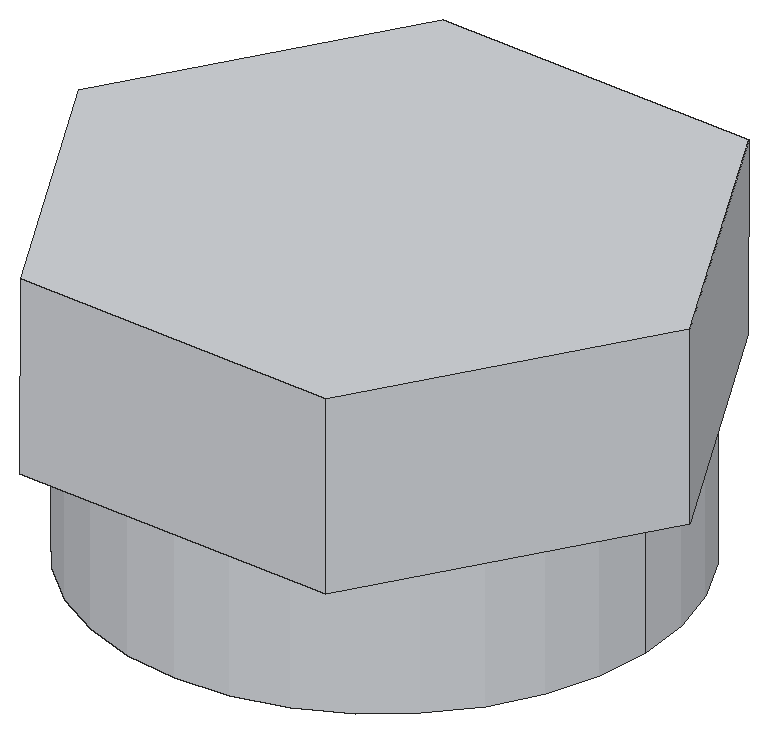
Revit family "Buzzer", category Communication Devices, host Face, Revit 2025
Family settings
  Host = Face
  Round Connector Dimension = Use Diameter
  Part Type = Junction Box
  Cut with Voids When Loaded = No
  Maintain Annotation Orientation = Yes
  Shared = No
  Room Calculation Point = No
Parameters (values of type "Wall Mounted")
  Wall Mounted = not(Face Mounted)  # yes
  Symbol Distance [instance] = 0"
  Rotate Symbol [instance] = no
  Label = "B"
  Diameter = 3"
  Face Mounted = no
  Depth = 1"
  Default Elevation = 48"
Types (2): name | Wall Mounted | Rotate Symbol | Label | Face Mounted | Depth
  Face Mounted | no | yes | "" | yes | 1 1/2"
  Wall Mounted | yes | no | "B" | no | 1"
Reference planes (in)
  plane 1 "Center (Front/Back)": y = 0
  plane 2: z = 0
  plane 3 "Center (Left/Right)": x = 0
  plane 4: z = 1
  plane 5: z = -0.75
Forms (in)
  Extrusion 1, solid, detail levels medium+fine
    sketch origin (0, 0, -0.5) x (-1, 0, 0) y (0, -1, 0)
      loop
        line (-1.625, 0) -> (-0.75, -1.51554) -> (1, -1.51554) -> (1.875, 0) -> (1, 1.51554) -> (-0.75, 1.51554) -> (-1.625, 0)
    from 0.5 to 1.5
  Extrusion 2, solid
    sketch origin (0, 0, 0) x (1, 0, 0) y (0, 1, 0)
      loop
        circle (-0.125, 0) r 1.5
    from 0 to -0.75
Dimensions and locks (in)
  "Depth": plane 4 to plane 2
  plane 2 to plane 5 = 3/4"
  "Diameter": diameter of Extrusion 2 sketch curve
  aligned and locked: plane 2 to host face
  aligned and locked: level to host face
  aligned and locked: plane 4 to Extrusion 1
  aligned and locked: Extrusion 2 to plane 5
Automatic sketch dimensions
  host sketch curve to host sketch curve = 96"  (x2)
  plane 1 "Center (Front/Back)" to Extrusion 2 sketch curve = 0"
  Extrusion 2 sketch curve to plane 3 "Center (Left/Right)" = 1/8"
Nested families (in)
  nested 1: "Face Mounted" at (0, 0, 0), visible <- "Face Mounted", type "Standard"
  nested 2: "Wall Mounted" at (0, 0, 0), visible <- "Wall Mounted", type "Standard"
Connectors (in)
  electrical at (-0.125, 0, 1)
    settings: on Extrusion 1, index 1, voltage 0 V, apparent load 0 VA, apparent load phase1 0 VA, apparent load phase2 0 VA, apparent load phase3 0 VA, power factor 1, load classification "Other", number of poles 1, system type 31, power factor state 1, is connector primary yes, connector utility no, sub classification motor no, connector description ""
Definition of nested family "Face Mounted"
  Parameters (values of type "Standard")
    Rotate = no
    Not Rotate = not(Rotate)  # yes
    Label = "B"
  Reference planes (in)
    plane 1: y = 0
    plane 2: x = 0
  Lines and regions (in)
    detail lines
      curve 1: line (0.125, 0, 0) -> (0.0625, 0.10825, 0)
      curve 2: line (0.0625, 0.10825, 0) -> (-0.0625, 0.10825, 0)
      curve 3: line (-0.0625, 0.10825, 0) -> (-0.125, 0, 0)
      curve 4: line (-0.125, 0, 0) -> (-0.0625, -0.10825, 0)
      curve 5: line (-0.0625, -0.10825, 0) -> (0.0625, -0.10825, 0)
      curve 6: line (0.0625, -0.10825, 0) -> (0.125, 0, 0)
  Text (in)
    label "X" at (0.00016, -0.00386, 0), shows "Label", visible <- "Not Rotate"
    label "X" at (0.00797, -0.00191, 0), shows "Label", visible <- "Rotate"
Definition of nested family "Wall Mounted"
  Parameters (values of type "Standard")
    Symbol Distance = 0"
    Rotate = no
    Not Rotate = not(Rotate)  # yes
    Label = "B"
  Reference planes (in)
    plane 1: y = 0
    plane 2: x = 0
  Lines and regions (in)
    reference lines
      curve 1: line (-0.1189, 0, 0) -> (0.1311, 0, 0)
    reference lines, not visible
      curve 2: line (-0.1189, 0, 0) -> (0.1311, 0, 0)
    detail lines
      curve 3: line (0.125, 0.125, 0) -> (0.0625, 0.23325, 0)
      curve 4: line (0.0625, 0.23325, 0) -> (-0.0625, 0.23325, 0)
      curve 5: line (-0.0625, 0.23325, 0) -> (-0.125, 0.125, 0)
      curve 6: line (-0.125, 0.125, 0) -> (-0.0625, 0.01675, 0)
      curve 7: line (-0.0625, 0.01675, 0) -> (0.0625, 0.01675, 0)
      curve 8: line (0.0625, 0.01675, 0) -> (0.125, 0.125, 0)
    detail lines, not visible
      curve 9: line (0.125, 0.125, 0) -> (0.0625, 0.23325, 0)
      curve 10: line (0.0625, 0.23325, 0) -> (-0.0625, 0.23325, 0)
      curve 11: line (-0.0625, 0.23325, 0) -> (-0.125, 0.125, 0)
      curve 12: line (-0.125, 0.125, 0) -> (-0.0625, 0.01675, 0)
      curve 13: line (-0.0625, 0.01675, 0) -> (0.0625, 0.01675, 0)
      curve 14: line (0.0625, 0.01675, 0) -> (0.125, 0.125, 0)
  Text (in)
    label "X" at (-0.00017, 0.1225, 0), shows "Label", visible <- "Not Rotate"
    label "X" at (0.00764, 0.1225, 0), shows "Label", visible <- "Rotate"
    label "X" at (-0.00017, 0.1225, 0), shows "Label", visible <- "Not Rotate", not visible
    label "X" at (0.00764, 0.1225, 0), shows "Label", visible <- "Rotate", not visible
  Dimensions and locks (in)
    "Symbol Distance": plane 1 to curve 1
  Automatic sketch dimensions
    curve 5 to curve 6 = 1/16"
    curve 7 to curve 3 = 0.10825"
    curve 5 to curve 4 = 1/16"
    curve 6 to curve 8 = 1/8"
    curve 4 to curve 3 = 1/8"
    curve 7 to curve 3 = 1/16"
    curve 6 to curve 5 = 0.10825"
    curve 3 to curve 4 = 0.10825"
    curve 11 to curve 12 = 1/16"
    curve 13 to curve 9 = 0.10825"
    curve 11 to curve 10 = 1/16"
    curve 12 to curve 14 = 1/8"
    curve 10 to curve 9 = 1/8"
    curve 13 to curve 9 = 1/16"
    curve 12 to curve 11 = 0.10825"
    curve 9 to curve 10 = 0.10825"
